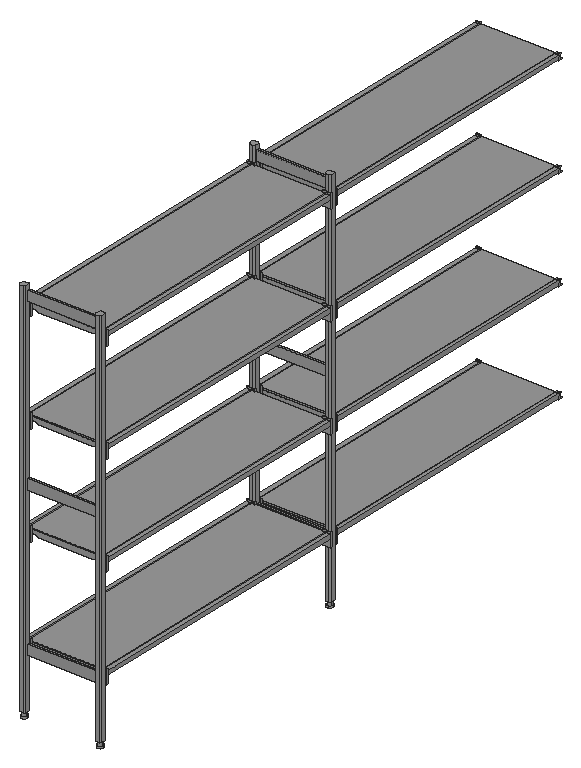
Revit family "QF_ELECTROLUXPROFESSIONAL_137067_ACS2548", category Attrezzature speciali, Revit 2020 (continued)
Definition of nested family "WT_Aggancio373"
  Lines and regions (mm)
    symbolic lines
      curve 7: line (-408, 23, 0) -> (-412, 23, 0)
      curve 8: line (-408, 3.978, 0) -> (-408, 23, 0)
  Dimensions and locks
    "Height": plane 5 "TOP" to level
    "Depth": plane 3 "BACK" to plane 4 "FRONT"
    "Dint": plane 7 to plane 8
    equal spacing: plane 7, plane 6 "Center (Front/Back)", plane 8
    equal spacing: plane 3 "BACK", plane 6 "Center (Front/Back)", plane 4 "FRONT"
    plane 9 "FEET" to level = 25.0 mm
    plane 5 "TOP" to plane 9 "FEET" = 1700.0 mm
    plane 10 to plane 9 "FEET" = 250.0 mm
    plane 11 to plane 10 = 450.0 mm
    plane 12 to plane 11 = 450.0 mm
    plane 13 to plane 12 = 450.0 mm
    locked: plane 3 "BACK" to plane 15 "CYBack" at 17.5
    locked: plane 16 "CYFront" to plane 4 "FRONT" at 17.5
    aligned and locked: level to plane 1
    aligned and locked: Extrusion 1 sketch curve to Extrusion 1 sketch curve  (x3)
  Automatic sketch dimensions
    plane 16 "CYFront" to Extrusion 1 sketch curve = 1.478 mm  (x4)
    Extrusion 1 sketch curve to Extrusion 1 sketch curve = 2.0 mm
    plane 8 to Extrusion 1 sketch curve = 3.478 mm  (x4)
    Extrusion 1 sketch curve to plane 10 = 4.006 mm
    Extrusion 1 sketch curve to Extrusion 1 sketch curve = 34.0 mm  (x4)
    Extrusion 1 sketch curve to plane 11 = 4.006 mm
    Extrusion 1 sketch curve to plane 12 = 4.006 mm
    Extrusion 1 sketch curve to plane 13 = 4.006 mm
    Extrusion 1 sketch curve to plane 7 = 37.522 mm  (x4)
    Extrusion 1 sketch curve to plane 7 = 3.522 mm  (x4)
    plane 14 to Extrusion 1 sketch curve = 3.516 mm  (x4)
    plane 14 to Extrusion 1 sketch curve = 1.522 mm  (x4)
    plane 10 to Extrusion 1 sketch curve = 7.998 mm  (x2)
    Extrusion 1 sketch curve to Extrusion 1 sketch curve = 11.498 mm  (x4)
    Extrusion 1 sketch curve to Extrusion 1 sketch curve = 6.499 mm  (x8)
    plane 11 to Extrusion 1 sketch curve = 7.998 mm  (x2)
    plane 12 to Extrusion 1 sketch curve = 7.998 mm  (x2)
    plane 13 to Extrusion 1 sketch curve = 7.998 mm  (x2)
    plane 2 "LEFT" to Extrusion 2 sketch curve = 0.0 mm  (x4)
    plane 13 to Extrusion 2 sketch curve = 7.996 mm
    plane 11 to Extrusion 2 sketch curve = 7.996 mm
    Extrusion 2 sketch curve to Extrusion 2 sketch curve = 5.0 mm  (x4)
    plane 11 to Extrusion 2 sketch curve = 2.494 mm
    plane 10 to Extrusion 2 sketch curve = 28.996 mm
    Extrusion 2 sketch curve to Extrusion 2 sketch curve = 3.0 mm  (x4)
    plane 10 to Extrusion 2 sketch curve = 7.996 mm
    plane 10 to Extrusion 2 sketch curve = 2.494 mm
    Extrusion 2 sketch curve to Extrusion 2 sketch curve = 18.0 mm  (x3)
    plane 12 to Extrusion 2 sketch curve = 2.494 mm
    plane 12 to Extrusion 2 sketch curve = 7.996 mm
    plane 13 to Extrusion 2 sketch curve = 2.494 mm
    plane 2 "LEFT" to Extrusion 3 sketch curve = 0.0 mm  (x4)
    plane 13 to Extrusion 3 sketch curve = 7.996 mm
    plane 11 to Extrusion 3 sketch curve = 7.996 mm
    Extrusion 3 sketch curve to Extrusion 3 sketch curve = 5.0 mm  (x4)
    plane 11 to Extrusion 3 sketch curve = 2.494 mm
    plane 10 to Extrusion 3 sketch curve = 28.996 mm
    Extrusion 3 sketch curve to Extrusion 3 sketch curve = 3.0 mm  (x4)
    plane 10 to Extrusion 3 sketch curve = 7.996 mm
    plane 10 to Extrusion 3 sketch curve = 2.494 mm
    Extrusion 3 sketch curve to Extrusion 3 sketch curve = 18.0 mm  (x3)
    plane 12 to Extrusion 3 sketch curve = 2.494 mm
    plane 12 to Extrusion 3 sketch curve = 7.996 mm
    plane 13 to Extrusion 3 sketch curve = 2.494 mm
    plane 2 "LEFT" to curve 1 = 5.0 mm
    plane 2 "LEFT" to curve 7 = 5.0 mm
    curve 1 to plane 16 "CYFront" = 17.5 mm
    curve 3 to plane 8 = 12.522 mm
    plane 7 to curve 5 = 12.478 mm
    curve 7 to plane 14 = 17.5 mm
    curve 5 to curve 5 = 4.0 mm
    curve 1 to curve 4 = 4.0 mm
    Extrusion 2 sketch curve to Extrusion 2 sketch curve = 4.0 mm  (x4)
    Extrusion 2 sketch curve to Extrusion 2 sketch curve = 8.969 mm  (x4)
    Extrusion 3 sketch curve to Extrusion 3 sketch curve = 4.0 mm  (x4)
    Extrusion 3 sketch curve to Extrusion 3 sketch curve = 8.969 mm  (x4)
